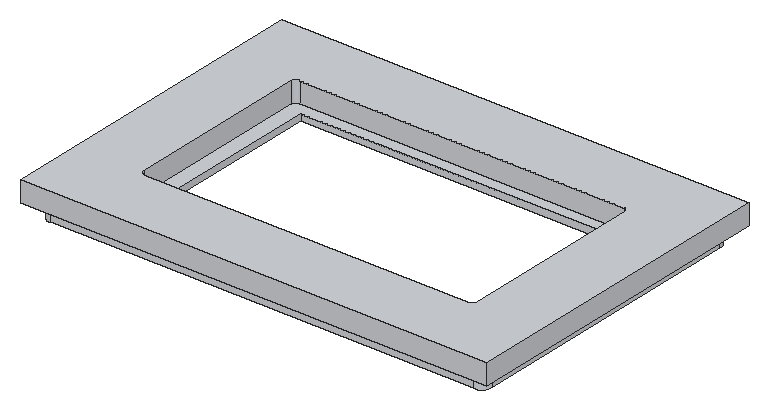
Revit family "Gira_100117", category Electrical Fixtures, host Face, Revit 2017
Family settings
  Host = Face
  Maintain Annotation Orientation = No
  Round Connector Dimension = Use Diameter
  Part Type = Normal
  Cut with Voids When Loaded = No
  Shared = No
  Room Calculation Point = No
Parameters (values of type "Cov.fr. 1.5-g Gira Esprit alum.")
  With mounting grid = "No"
  With hinged lid = "No"
  URL = "http://katalog.gira.de/en/datenblatt.html?artikelnr=100117"
  Type of fastening = "Clamp mounting"
  Transparent = "No"
  Surface protection = "Other"
  Suitable for wall duct = "No"
  Suitable for flush-mounted installation = "Yes"
  Suitable for floor box = "No"
  Suitable for built-in installation = "No"
  Number of units vertical = "1,5"
  Number of units horizontal = "1,5"
  Number of units = "1"
  Name = "Cov.fr. 1.5-g Gira Esprit alum."
  Mounting direction = "Horizontal and vertical"
  Material quality = "Aluminium"
  Material = "Metal"
  Manufacturer URL = "https://www.gira.de/"
  Manufacturer = "Gira"
  Label space/information surface = "No"
  Keynote = ""
  HeinzeBIM = "https://bimportal.heinze.de/bim/cov-fr-1-5-g-gira-esprit-alum-/96dc10fa6a1b4eac1021268b4484b98feff2b43b"
  Halogen free = "Yes"
  HAN = "100117"
  GTIN = "4010337881513"
  Description = "Cov.fr.1.5g Espr. AL,Gira Esprit cover frame,Aluminium,1.5-gang,Features:,- Anodised aluminium E 1 EV 1."
  Degree of protection (IP) = "IP20"
  Default Elevation = 1219.2 mm
  Data sheet (1) = "https://katalog.gira.de/en/download.html?artikelnr=100117"
  Colour = "Aluminium"
  Category = "Cover frame for domestic switching devices"
  BIM (1) = "https://media.stage.bim.site/public/gira/36a6b08/Espr._Rahmen_1,5fach.rfa"
  Available = "No"
Reference planes
  plane 1 "Center (Front/Back)": y = 0
  plane 2: z = 0
  plane 3 "Center (Left/Right)": x = 0
Forms (mm)
  Extrusion 1, solid, detail levels fine
    sketch origin (0, 0, 0) x (1, 0, 0) y (0, 1, 0)
      loop
        line (-67.75, 47.5) -> (-67.75, -47.5) -> (67.75, -47.5) -> (67.75, 47.5) -> (-67.75, 47.5)
      loop
        arc (-48.5, -26.7) -> (-48.061, -27.761) -> (-47, -28.2) r 1.5
        line (-47, -28.2) -> (47, -28.2)
        arc (47, -28.2) -> (48.061, -27.761) -> (48.5, -26.7) r 1.5
        line (48.5, -26.7) -> (48.5, 26.7)
        arc (48.5, 26.7) -> (48.061, 27.761) -> (47, 28.2) r 1.5
        line (47, 28.2) -> (-47, 28.2)
        arc (-47, 28.2) -> (-48.061, 27.761) -> (-48.5, 26.7) r 1.5
        line (-48.5, 26.7) -> (-48.5, -26.7)
    from 0 to 6
  Extrusion 2, solid, detail levels fine
    sketch origin (0, 0, 0) x (1, 0, 0) y (0, 1, 0)
      loop
        arc (-61.479, 44.4) -> (-63.615, 43.515) -> (-64.5, 41.379) r 3.021
        line (-64.5, 41.379) -> (-64.5, -41.379)
        arc (-64.5, -41.379) -> (-63.615, -43.515) -> (-61.479, -44.4) r 3.021
        line (-61.479, -44.4) -> (61.479, -44.4)
        arc (61.479, -44.4) -> (63.615, -43.515) -> (64.5, -41.379) r 3.021
        line (64.5, -41.379) -> (64.5, 41.379)
        arc (64.5, 41.379) -> (63.615, 43.515) -> (61.479, 44.4) r 3.021
        line (61.479, 44.4) -> (-61.479, 44.4)
      loop
        arc (-61.4, 43.1) -> (-62.673, 42.573) -> (-63.2, 41.3) r 1.8
        line (-63.2, 41.3) -> (-63.2, -41.4)
        arc (-63.2, -41.4) -> (-62.673, -42.673) -> (-61.4, -43.2) r 1.8
        line (-61.4, -43.2) -> (61.4, -43.2)
        arc (61.4, -43.2) -> (62.673, -42.673) -> (63.2, -41.4) r 1.8
        line (63.2, -41.4) -> (63.2, 41.3)
        arc (63.2, 41.3) -> (62.673, 42.573) -> (61.4, 43.1) r 1.8
        line (61.4, 43.1) -> (-61.4, 43.1)
    from -4.1 to 0
  Extrusion 3, solid, detail levels fine
    sketch origin (0, 0, 0) x (1, 0, 0) y (0, 1, 0)
      loop
        arc (-63.2, -41.4) -> (-62.673, -42.673) -> (-61.4, -43.2) r 1.8
        line (-61.4, -43.2) -> (61.4, -43.2)
        arc (61.4, -43.2) -> (62.673, -42.673) -> (63.2, -41.4) r 1.8
        line (63.2, -41.4) -> (63.2, 41.3)
        arc (63.2, 41.3) -> (62.673, 42.573) -> (61.4, 43.1) r 1.8
        line (61.4, 43.1) -> (-61.4, 43.1)
        arc (-61.4, 43.1) -> (-62.673, 42.573) -> (-63.2, 41.3) r 1.8
        line (-63.2, 41.3) -> (-63.2, -41.4)
      loop
        line (44, -24.75) -> (44, 24.75) -> (-44, 24.75) -> (-44, -24.75) -> (44, -24.75)
    from -1.9 to 0
  Extrusion 4, solid, detail levels medium
    sketch origin (0, 0, 0) x (1, 0, 0) y (0, 1, 0)
      loop
        line (-67.75, 47.5) -> (-67.75, -47.5) -> (67.75, -47.5) -> (67.75, 47.5) -> (-67.75, 47.5)
    from 0 to 6
  Extrusion 5, solid, detail levels medium
    sketch origin (0, 0, 0) x (1, 0, 0) y (0, 1, 0)
      loop
        line (-64.5, 44.4) -> (-64.5, -44.4) -> (64.5, -44.4) -> (64.5, 44.4) -> (-64.5, 44.4)
    from -4.1 to 0
  Extrusion 6, solid, detail levels coarse
    sketch origin (0, 0, 0) x (1, 0, 0) y (0, 1, 0)
      loop
        line (-67.75, 47.5) -> (-67.75, -47.5) -> (67.75, -47.5) -> (67.75, 47.5) -> (-67.75, 47.5)
    from -4.1 to 6
Dimensions and locks
  aligned and locked: plane 2 to host face
  aligned and locked: level to host face
